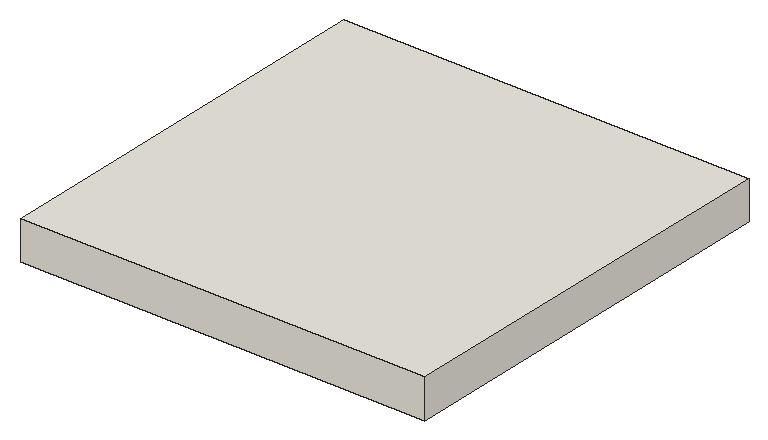
Revit family "UNIVERSAL", category Осветительные приборы, Revit 2019 (continued)
Types (12, lengths in mm): name | Файл фотометрической сетки | built-in parameter 1150105 | Lumens | built-in parameter 1150106 | built-in parameter 1150142 | Wattage | Emit from Rectangle Width | Emit from Rectangle Length | Длина | Ширина | ADSK_Ток | ADSK_Полная мощность | ADSK_Обозначение | ADSK_Номинальная мощность | ADSK_Наименование | ADSK_Код изделия
     457.830 389.777 \r\n323.795 260.575 200.412 141.531 88.864 40.733 2.959 \r\n2375.255 2375.058 2370.718 2362.236 2349.315 2332.450 2311.443 2286.293 2257.000 2224.452 2188.158 2148.312 2104.818 2058.758 2010.233 1958.256 1903.813 1846.708 \r\n1787.630 1726.875 1663.655 1598.955 1533.367 1466.301 1397.063 1326.052 1252.968 1181.168 1108.971 1036.283 963.003 889.624 816.244 742.964 669.979 597.882 526.574 456.943 388.889 \r\n323.007 259.786 199.721 141.038 88.469 40.437 2.959 \r\n2375.255 2375.058 2370.619 2362.138 2349.020 2332.055 2311.048 2285.800 2256.408 2223.763 2187.369 2147.523 2103.930 2057.772 2009.246 1957.073 1902.631 1845.426 \r\n1786.348 1725.494 1662.274 1597.574 1531.986 1464.821 1395.683 1324.572 1251.588 1179.786 1107.591 1035.001 961.721 888.440 815.061 741.879 668.796 596.798 525.587 455.957 388.002 \r\n322.118 259.095 199.130 140.545 88.075 40.142 2.959 \r\n2375.255 2374.959 2370.521 2361.940 2348.822 2331.760 2310.653 2285.307 2255.817 2223.072 2186.678 2146.635 2103.042 2056.786 2008.162 1955.988 1901.447 1844.242 \r\n1785.066 1724.212 1660.893 1596.193 1530.606 1463.440 1394.302 1323.093 1250.207 1178.405 1106.309 1033.719 960.537 887.158 813.877 740.695 667.711 595.712 524.601 455.069 387.213 \r\n321.330 258.306 198.439 139.953 87.680 39.846 2.861 \r\n2375.255 2374.959 2370.422 2361.743 2348.526 2331.366 2310.160 2284.814 2255.224 2222.480 2185.890 2145.846 2102.155 2055.800 2007.077 1954.903 1900.263 1842.960 \r\n1783.882 1722.930 1659.512 1594.812 1529.127 1462.059 1392.922 1321.613 1248.826 1177.123 1104.928 1032.437 959.254 885.974 812.693 739.611 666.626 594.726 523.615 454.083 386.325 \r\n320.541 257.616 197.847 139.459 87.187 39.550 2.861 \r\n2375.255 2374.860 2370.324 2361.545 2348.329 2331.069 2309.766 2284.320 2254.633 2221.790 2185.199 2145.057 2101.168 2054.912 2006.091 1953.719 1899.079 1841.678 \r\n1782.600 1721.549 1658.230 1593.432 1527.745 1460.580 1391.442 1320.134 1247.445 1175.743 1103.646 1031.154 957.972 884.790 811.511 738.427 665.541 593.641 522.629 453.195 385.437 \r\n319.751 256.925 197.157 138.868 86.792 39.253 2.861 \r\n2375.255 2374.860 2370.224 2361.348 2348.033 2330.773 2309.371 2283.827 2254.042 2221.100 2184.410 2144.169 2100.280 2053.925 2005.006 1952.635 1897.896 1840.494 \r\n1781.318 1720.267 1656.849 1592.051 1526.365 1459.199 1390.061 1318.556 1246.064 1174.362 1102.265 1029.872 956.690 883.509 810.327 737.243 664.456 592.556 521.642 452.208 384.550 \r\n318.962 256.136 196.565 138.375 86.398 38.958 2.861 \r\n2375.255 2374.762 2370.028 2361.250 2347.836 2330.380 2308.977 2283.334 2253.449 2220.507 2183.720 2143.381 2099.393 2052.939 2004.019 1951.549 1896.811 1839.212 \r\n1780.036 1718.886 1655.469 1590.671 1524.984 1457.818 1388.680 1317.077 1244.684 1172.981 1100.983 1028.492 955.408 882.325 809.143 736.159 663.371 591.570 520.656 451.321 383.662 \r\n318.075 255.446 195.874 137.882 86.003 38.662 2.761 \r\n2375.255 2374.663 2369.929 2361.052 2347.540 2330.083 2308.484 2282.841 2252.858 2219.818 2182.931 2142.493 2098.407 2051.953 2002.935 1950.366 1895.627 1838.029 \r\n1778.753 1717.604 1654.088 1589.289 1523.603 1456.339 1387.300 1315.597 1243.303 1171.699 1099.602 1027.209 954.126 881.043 807.959 734.975 662.287 590.485 519.670 450.335 382.774 \r\n317.285 254.657 195.283 137.290 85.510 38.366 2.761 \r\n2375.255 2374.663 2369.831 2360.855 2347.343 2329.689 2308.089 2282.348 2252.266 2219.127 2182.142 2141.704 2097.519 2050.967 2001.849 1949.281 1894.444 1836.747 \r\n1777.570 1716.322 1652.806 1587.908 1522.124 1454.959 1385.919 1314.118 1242.021 1170.319 1098.320 1025.927 952.943 879.859 806.776 733.890 661.103 589.401 518.684 449.447 381.887 \r\n316.497 253.966 194.593 136.797 85.116 38.169 2.761 \r\n2375.255 2374.564 2369.731 2360.658 2347.047 2329.393 2307.694 2281.855 2251.674 2218.535 2181.451 2140.915 2096.631 2050.078 2000.863 1948.197 1893.260 1835.563 \r\n1776.287 1714.941 1651.425 1586.528 1520.743 1453.578 1384.439 1312.639 1240.640 1168.937 1096.939 1024.645 951.661 878.577 805.592 732.706 660.017 588.414 517.697 448.461 380.999 \r\n315.708 253.277 194.001 136.304 84.721 37.873 2.663 \r\n2375.255 2374.564 2369.633 2360.461 2346.850 2328.998 2307.201 2281.362 2251.083 2217.845 2180.662 2140.028 2095.744 2049.092 1999.779 1947.013 1892.077 1834.281 \r\n1775.005 1713.659 1650.044 1585.147 1519.362 1452.196 1383.059 1311.060 1239.260 1167.655 1095.558 1023.363 950.378 877.393 804.409 731.523 658.933 587.329 516.711 447.574 380.112 \r\n314.919 252.487 193.311 135.712 84.326 37.578 2.663 \r\n2375.255 2374.466 2369.535 2360.362 2346.554 2328.703 2306.807 2280.769 2250.490 2217.155 2179.972 2139.238 2094.757 2048.106 1998.694 1945.927 1890.894 1832.999 \r\n1773.723 1712.278 1648.762 1583.767 1517.981 1450.717 1381.678 1309.581 1237.878 1166.274 1094.276 1022.081 949.096 876.210 803.126 730.438 657.847 586.244 515.627 446.587 379.322 \r\n314.130 251.797 192.719 135.219 83.833 37.281 2.663 \r\n2375.255 2374.466 2369.436 2360.165 2346.258 2328.407 2306.412 2280.276 2249.899 2216.562 2179.183 2138.449 2093.869 2047.120 1997.708 1944.843 1889.710 1831.815 \r\n1772.442 1710.996 1647.381 1582.385 1516.601 1449.337 1380.297 1308.101 1236.497 1164.894 1092.895 1020.798 947.814 874.928 801.943 729.254 656.763 585.258 514.640 445.601 378.435 \r\n313.242 251.107 192.029 134.627 83.439 36.985 2.663 \r\n2375.255 2374.367 2369.337 2359.968 2346.061 2328.012 2306.018 2279.783 2249.307 2215.873 2178.492 2137.562 2092.982 2046.233 1996.622 1943.758 1888.526 1830.533 \r\n1771.258 1709.714 1646.000 1581.004 1515.121 1447.956 1378.817 1306.622 1235.117 1163.611 1091.613 1019.418 946.532 873.744 800.760 728.169 655.678 584.173 513.654 444.713 377.547 \r\n312.453 250.318 191.436 134.134 83.044 36.690 2.564 \r\n2375.255 2374.269 2369.238 2359.770 2345.765 2327.716 2305.525 2279.290 2248.715 2215.182 2177.704 2136.772 2091.996 2045.246 1995.538 1942.575 1887.442 1829.350 \r\n1769.976 1708.333 1644.620 1579.624 1513.740 1446.476 1377.437 1305.142 1233.736 1162.231 1090.232 1018.136 945.348 872.462 799.576 726.986 654.495 583.088 512.668 443.727 376.660 \r\n311.664 249.627 190.747 133.641 82.651 36.394 2.564 \r\n2375.255 2374.269 2369.140 2359.672 2345.568 2327.322 2305.130 2278.797 2248.124 2214.590 2177.013 2135.885 2091.108 2044.260 1994.551 1941.489 1886.258 1828.068 \r\n1768.694 1707.051 1643.338 1578.243 1512.360 1445.095 1376.056 1303.663 1232.356 1160.850 1088.950 1016.853 944.066 871.278 798.392 725.901 653.409 582.102 511.681 442.839 375.772 \r\n310.875 248.839 190.154 133.049 82.256 36.098 2.564 \r\n2375.255 2374.170 2369.042 2359.475 2345.272 2327.026 2304.735 2278.304 2247.532 2213.900 2176.224 2135.096 2090.220 2043.274 1993.466 1940.405 1885.074 1826.884 \r\n1767.411 1705.671 1641.957 1576.863 1510.979 1443.715 1374.676 1302.085 1231.073 1159.568 1087.570 1015.571 942.784 869.996 797.209 724.717 652.325 581.016 510.695 441.852 374.884 \r\n310.086 248.148 189.464 132.556 81.762 35.802 2.564 \r\n2375.255 2374.170 2368.942 2359.277 2345.074 2326.730 2304.242 2277.810 2246.940 2213.209 2175.534 2134.307 2089.333 2042.386 1992.480 1939.221 1883.890 1825.602 \r\n1766.129 1704.388 1640.576 1575.482 1509.598 1442.235 1373.195 1300.606 1229.692 1158.187 1086.287 1014.289 941.501 868.813 796.026 723.534 651.240 579.932 509.709 440.965 373.997 \r\n309.199 247.457 188.872 131.964 81.368 35.605 2.466 \r\n2375.255 2374.071 2368.844 2359.080 2344.779 2326.335 2303.848 2277.317 2246.348 2212.617 2174.745 2133.420 2088.347 2041.399 1991.395 1938.136 1882.708 1824.418 \r\n1764.945 1703.106 1639.195 1574.100 1508.118 1440.854 1371.815 1299.127 1228.311 1156.806 1084.907 1013.007 940.219 867.531 794.842 722.449 650.155 578.945 508.723 439.979 373.109 \r\n308.409 246.669 188.182 131.471 80.974 35.308 2.466 \r\n2375.255 2374.071 2368.745 2358.882 2344.581 2326.040 2303.454 2276.824 2245.757 2211.928 2174.054 2132.631 2087.459 2040.413 1990.311 1937.051 1881.524 1823.136 \r\n1763.663 1701.726 1637.912 1572.720 1506.738 1439.474 1370.434 1297.647 1226.931 1155.525 1083.625 1011.725 938.937 866.347 793.658 721.266 649.070 577.861 507.736 439.091 372.320 \r\n307.620 245.978 187.590 130.978 80.579 35.013 2.466 \r\n2375.255 2373.973 2368.647 2358.784 2344.286 2325.645 2303.060 2276.331 2245.165 2211.237 2173.265 2131.743 2086.571 2039.427 1989.324 1935.867 1880.340 1821.853 \r\n1762.381 1700.443 1636.532 1571.339 1505.357 1437.995 1369.054 1296.168 1225.550 1154.143 1082.244 1010.344 937.754 865.163 792.475 720.181 647.985 576.875 506.750 438.105 371.432 \r\n306.831 245.189 186.900 130.386 80.086 34.717 2.367 \r\n2375.255 2373.874 2368.549 2358.587 2344.088 2325.349 2302.566 2275.838 2244.573 2210.645 2172.575 2130.954 2085.584 2038.441 1988.239 1934.783 1879.256 1820.671 \r\n1761.099 1699.062 1635.151 1569.959 1503.977 1436.613 1367.673 1294.589 1224.169 1152.762 1080.962 1009.062 936.472 863.881 791.291 718.997 646.802 575.789 505.764 437.218 370.545 \r\n306.042 244.499 186.308 129.892 79.692 34.421 2.367 \r\n2375.255 2373.874 2368.351 2358.389 2343.792 2324.955 2302.172 2275.345 2243.981 2209.955 2171.786 2130.165 2084.697 2037.553 1987.154 1933.698 1878.072 1819.388 \r\n1759.817 1697.780 1633.869 1568.578 1502.596 1435.232 1366.193 1293.110 1222.789 1151.480 1079.580 1007.780 935.190 862.698 790.108 717.814 645.716 574.705 504.678 436.232 369.657 \r\n305.154 243.808 185.618 129.399 79.297 34.126 2.367 \r\n2375.255 2373.776 2368.252 2358.193 2343.497 2324.658 2301.777 2274.753 2243.488 2209.264 2171.095 2129.277 2083.809 2036.566 1986.168 1932.514 1876.888 1818.205 \r\n1758.634 1696.497 1632.488 1567.196 1501.116 1433.753 1364.812 1291.630 1221.407 1150.100 1078.298 1006.497 933.908 861.416 788.924 716.729 644.632 573.718 503.692 435.343 368.770 \r\n304.366 243.019 184.927 128.808 78.902 33.829 2.367 \r\n2375.255 2373.776 2368.154 2358.093 2343.299 2324.363 2301.284 2274.260 2242.896 2208.672 2170.307 2128.488 2082.922 2035.580 1985.083 1931.429 1875.705 1816.922 \r\n1757.352 1695.117 1631.108 1565.816 1499.735 1432.373 1363.432 1290.151 1220.125 1148.719 1076.917 1005.215 932.625 860.232 787.741 715.545 643.546 572.633 502.706 434.357 367.882 \r\n303.577 242.329 184.336 128.315 78.409 33.533 2.268 \r\n2375.255 2373.676 2368.055 2357.896 2343.004 2323.969 2300.890 2273.767 2242.305 2207.982 2169.616 2127.600 2081.936 2034.594 1983.998 1930.344 1874.521 1815.739 \r\n1756.069 1693.835 1629.727 1564.435 1498.355 1430.991 1362.051 1288.671 1218.744 1147.437 1075.635 1003.933 931.343 858.950 786.557 714.460 642.462 571.548 501.719 433.469 366.994 \r\n302.788 241.638 183.645 127.723 78.015 33.238 2.268 \r\n" | 45.1051 W | 255 | 1155 | 1195 | 295 | 0.359168 A | 82.6087 VA | "CSVT Universal - 76/opal-sand 295x1195х55 (IP20, 4000К)" | 76 W | "Универсальный светодиодный светильник CSVT Universal - 76/opal-sand 295x1195х55 (IP20, 4000К)" | "ЦБ000007923"
